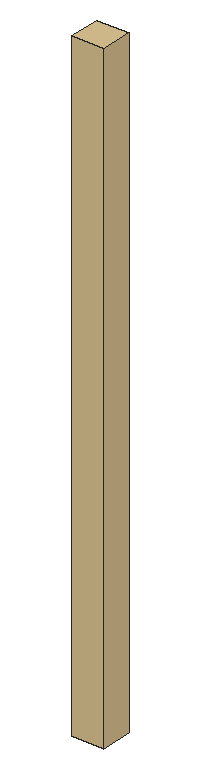
Revit family "586d5bd0f82b4fa2ba145243cdcc8c42", category Columns, Revit 2021
Family settings
  OmniClass Number = 23.25.30.11.14.11
  OmniClass Title = Columns
  Seek Item ID = Wood Timber Column-0000-USA-ENU
  Cut with Voids When Loaded = No
  Automatically joins geometry to walls = Yes
  Shared = No
  Show family pre-cut in plan views = Yes
Parameters (values of type "6 x 6")
  Assembly Code = "B1010200"
  Depth = 0' - 5 1/2"
  Material = Softwood, Lumber
  Width = 0' - 5 1/2"
Types (8): name | Depth | Width
  (no name) | 0' - 5 1/2" | 0' - 5 1/2"
  6 x 8 | 0' - 7 1/2" | 0' - 5 1/2"
  8 x 8 | 0' - 7 1/2" | 0' - 7 1/2"
  6 x 6 | 0' - 5 1/2" | 0' - 5 1/2"
  8 x 10 | 0' - 9 1/2" | 0' - 7 1/2"
  5 x 5 | 0' - 4 1/2" | 0' - 4 1/2"
  6 x 10 | 0' - 9 1/2" | 0' - 5 1/2"
  8 x 12 | 0' - 11 1/2" | 0' - 7 1/2"
Reference planes (in)
  plane 1: y = 0
  plane 2: z = 0
  plane 3: x = 0
  plane 4: x = -2.75
  plane 5: x = 2.75
  plane 6: y = 2.75
  plane 7: y = -2.75
Forms (in)
  Extrusion 1, solid, material "Softwood, Lumber" <- "Material"
    sketch origin (0, 0, 0) x (1, 0, 0) y (0, 1, 0)
      loop
        line (-2.75, -2.75) -> (2.75, -2.75) -> (2.75, 2.75) -> (-2.75, 2.75) -> (-2.75, -2.75)
    from 0 to 108
Lines and regions (in)
  symbolic lines, style "Columns"
    curve 1: line (-2.75, 2.75, 0) -> (2.75, -2.75, 0)
    curve 2: line (2.75, 2.75, 0) -> (-2.75, -2.75, 0)
Dimensions and locks (in)
  equal spacing: plane 4, plane 3, plane 5
  equal spacing: plane 7, plane 1, plane 6
  "Width": plane 4 to plane 5
  "Depth": plane 7 to plane 6
  aligned and locked: plane 4 to Extrusion 1 sketch curve
  aligned and locked: plane 5 to Extrusion 1 sketch curve
  aligned and locked: Extrusion 1 sketch curve to plane 5
  aligned and locked: level to Extrusion 1
Automatic sketch dimensions
  Extrusion 1 sketch curve to plane 7 = 0' - 0"
  Extrusion 1 sketch curve to plane 6 = 0' - 0"
  curve 2 to plane 5 = 0' - 0"
  curve 1 to plane 5 = 0' - 0"
  curve 1 to plane 7 = 0' - 0"
  curve 2 to plane 6 = 0' - 0"
  curve 1 to plane 6 = 0' - 0"
  curve 2 to plane 4 = 0' - 0"
  curve 1 to plane 4 = 0' - 0"
  curve 2 to plane 7 = 0' - 0"
